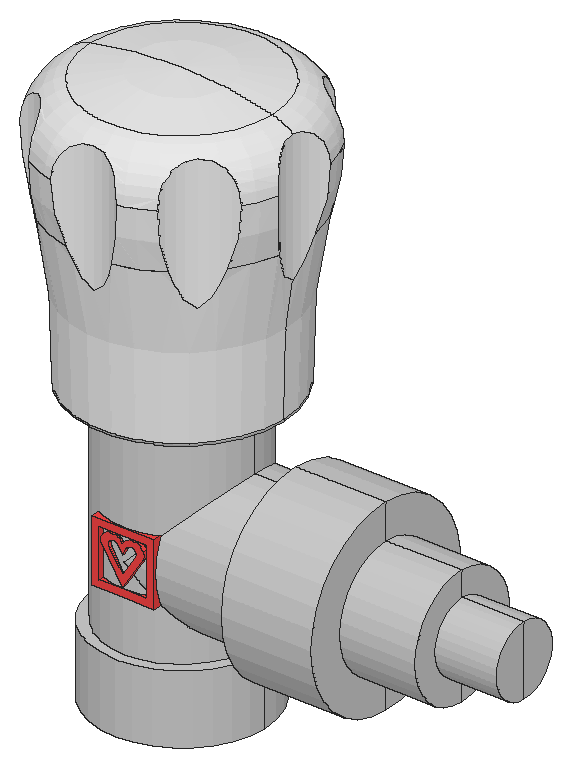
Revit family "GP Heizkörperregulierventil Eck 5524", category Rohrzubehör, Revit 2020
Family settings
  Bemaßung runder Anschluss = Durchmesser verwenden
  Teiletyp = Unterbricht
  OmniClass-Nummer = 23.65.55.14
  OmniClass-Titel = Valves for Liquid Services
  Arbeitsebenenbasiert = Nein
  Immer vertikal = Ja
  Beim Laden mit Abzugskörper schneiden = Nein
  Gemeinsam genutzt = Nein
Parameters
  Vorgabe-Ansicht = 0.000 mm
  URL = "www.herz-armaturen.at"
  SCRNSEQ = "ARM;ARM_TYP=\"ALLF\";2"
  SCRNCODE = "05;00;02"  # constant formula
  S04 = 45.000 mm  # constant formula
  S03 [instance] = H02 - 5.000 mm + 41.000 mm  # 60.000 mm
  S02 [instance] = L04 + L03 - L02  # 25.500 mm
  S01 = 10.000 mm  # constant formula
  Nennweite [instance] = 10.000 mm
  Medium = "Heizwasserqualität entsprechend ÖNORM H 5195 bzw. VDI-Richtllinie 2035."
  Max.Betriebstemperatur = 120 °C  # constant formula
  Max.Betriebsdruck = 1000000.0 Pa  # constant formula
  LO1 [instance] = R01 - 0.500 mm  # 10.000 mm
  L04 [instance] = size_lookup("5524_", "L4", 1.000 mm, Nennweite)  # 20.000 mm
  L03 [instance] = size_lookup("5524_", "L3", 1.000 mm, Nennweite)  # 13.000 mm
  L02 [instance] = size_lookup("5524_", "L2", 1.000 mm, Nennweite)  # 7.500 mm
  L01 [instance] = size_lookup("5524_", "L1", 1.000 mm, Nennweite)  # 24.000 mm
  Hersteller = "HERZ Armaturen Ges.m.b.H."  # constant formula
  Handrad = "Kunststoff, weiß"  # constant formula
  H03 [instance] = size_lookup("5524_", "H3", 1.000 mm, Nennweite)  # 10.000 mm
  H02 [instance] = size_lookup("5524_", "H2", 1.000 mm, Nennweite)  # 24.000 mm
  H01 [instance] = size_lookup("5524_", "H1", 1.000 mm, Nennweite)  # 22.000 mm
  Gehäuse = "vernickeltes Messing"  # constant formula
  GT1 [instance] = size_lookup("5524_", "GT1", 1.000 mm, Nennweite)  # 9.000 mm
  GT [instance] = size_lookup("5524_", "GT", 1.000 mm, Nennweite)  # 9.500 mm
  G2 [instance] = Nennweite / 2  # 5.000 mm
  G1 [instance] = Nennweite / 2  # 5.000 mm
  R01 = 10.500 mm  # constant formula
  D05 [instance] = size_lookup("5524_", "D5", 1.000 mm, Nennweite)  # 8.500 mm
  D04 [instance] = size_lookup("5524_", "D4", 1.000 mm, Nennweite)  # 13.500 mm
  D03 [instance] = R01  # 10.500 mm
  D02 [instance] = size_lookup("5524_", "D2", 1.000 mm, Nennweite)  # 7.940 mm
  D01 [instance] = size_lookup("5524_", "D1", 1.000 mm, Nennweite)  # 12.000 mm
  Bestellnummer [instance] = size_lookup("5524_", "Artnr", 0, Nennweite)  # 1552420
  Ausführungen = "Universalmodelle mit Spezialmuffen für Gewinderohr und Klemmsetanschluss, vernickelt."
Reference planes
  plane 1 "Mitte (Vorne/hinten)": y = 0
  plane 2: z = 0
  plane 3 "Mitte (Links/rechts)": x = 0
Forms (mm)
  Revolve 1, solid, material "Messing, weicher Gelbton, geschweißt", detail levels fine
    sketch origin (0, 0, 0) x (1, 0, 0) y (0, 0, 1)
      loop
        line (0, 24) -> (-10.5, 24) -> (-10.5, -12) -> (-12, -12) -> (-12, -22) -> (-5, -22) -> (-5, -12.5) -> (0, -12.5) -> (0, 24)
      axis (0, 24) -> (0, -22)
    angle from 0 to 360
  Revolve 2, solid, material "Messing, weicher Gelbton, geschweißt", detail levels fine
    sketch origin (0, 0, 0) x (1, 0, 0) y (0, 0, 1)
      loop
        line (0, 0) -> (24, 0) -> (24, 7.94) -> (16.5, 7.94) -> (16.5, 10.5) -> (0, 10.5) -> (0, 0)
      axis (0, 0) -> (24, 0)
    angle from 0 to 360
  Revolve 3, solid, material "Messing, weicher Gelbton, geschweißt", detail levels fine
    sketch origin (-1, 0, 0) x (1, 0, 0) y (0, 0, 1)
      loop
        line (25, 0) -> (50.5, 0) -> (50.5, 5) -> (41.5, 5) -> (41.5, 8.5) -> (30.5, 8.5) -> (30.5, 13.5) -> (17.5, 13.5) -> (17.5, 7.94) -> (25, 7.94) -> (25, 0)
      axis (17.5, 0) -> (50.5, 0)
    angle from 0 to 360
Lines and regions (mm)
  model lines, detail levels coarse+medium
    curve 1: line (0, 0, 0) -> (12, 0, -22)
    curve 2: line (12, 0, -22) -> (-12, 0, -22)
    curve 3: line (-12, 0, -22) -> (0, 0, 0)
    curve 4: line (0, 0, 0) -> (24, 0, 13.5)
    curve 5: line (24, 0, 13.5) -> (24, 0, -13.5)
    curve 6: line (24, 0, -13.5) -> (0, 0, 0)
    curve 7: line (24, 0, 13.5) -> (34, 0, 13.5)
    curve 8: line (34, 0, 13.5) -> (24, 0, 0)
    curve 9: line (24, 0, -13.5) -> (34, 0, -13.5)
    curve 10: line (34, 0, -13.5) -> (24, 0, 0)
    curve 11: line (24, 0, 0) -> (49.5, 0, 0)
    curve 12: line (0, 0, 0) -> (0, 0, 60)
    curve 13: line (-22.5, 0, 60) -> (22.5, 0, 60)
    curve 14: line (0, 0, 0) -> (0, 60, 0)
    curve 15: line (-22.5, 60, 0) -> (22.5, 60, 0)
    curve 16: line (0, 0, 0) -> (12, -22, 0)
    curve 17: line (12, -22, 0) -> (-12, -22, 0)
    curve 18: line (-12, -22, 0) -> (0, 0, 0)
    curve 19: line (0, 0, 0) -> (24, 13.5, 0)
    curve 20: line (24, 13.5, 0) -> (24, -13.5, 0)
    curve 21: line (24, -13.5, 0) -> (0, 0, 0)
    curve 22: line (24, 13.5, 0) -> (34, 13.5, 0)
    curve 23: line (34, 13.5, 0) -> (24, 0, 0)
    curve 24: line (24, -13.5, 0) -> (34, -13.5, 0)
    curve 25: line (24, 0, 0) -> (34, -13.5, 0)
Dimensions and locks
  "H02": Revolve 1 sketch curve to plane 2
  "H01": plane 2 to Revolve 1 sketch curve
  "R01": Revolve 1 sketch curve to Revolve 1 sketch curve
  "G1": Revolve 1 sketch curve to Revolve 1 sketch curve
  "D01": Revolve 1 sketch curve to Revolve 1 sketch curve
  "GT": Revolve 1 sketch curve to Revolve 1 sketch curve
  "H03": Revolve 1 sketch curve to Revolve 1 sketch curve
  "D02": Revolve 2 sketch curve to Revolve 2 sketch curve
  "D03": Revolve 2 sketch curve to Revolve 2 sketch curve
  "L01": Revolve 2 sketch curve to Revolve 2 sketch curve
  "L02": Revolve 2 sketch curve to Revolve 2 sketch curve
  "H02": nested 1 to plane 2
  "LO1": nested 2 to plane 1 "Mitte (Vorne/hinten)"
  "L02": Revolve 3 sketch curve to Revolve 3 sketch curve
  "L03": Revolve 3 sketch curve to Revolve 3 sketch curve
  "L04": Revolve 3 sketch curve to Revolve 3 sketch curve
  "D04": Revolve 3 sketch curve to Revolve 3 sketch curve
  "G2": Revolve 3 sketch curve to Revolve 3 sketch curve
  "D05": Revolve 3 sketch curve to Revolve 3 sketch curve
  "GT1": Revolve 3 sketch curve to Revolve 3 sketch curve
  "L01": plane 3 "Mitte (Links/rechts)" to Revolve 3 sketch curve
  "D02": Revolve 3 sketch curve to plane 2
  "H01": plane 2 to curve 2
  "L01": curve 5 to plane 3 "Mitte (Links/rechts)"
  "D01": curve 2 to plane 3 "Mitte (Links/rechts)" to curve 3
  "D04": curve 5 to plane 2 to curve 6
  "S01": curve 5 to curve 8
  "S01": curve 5 to curve 10
  "S02": curve 11 to curve 11
  "S03": curve 12 to plane 2
  equal spacing: curve 13, curve 12, curve 13
  "S04": curve 13 to curve 13
  "S04": curve 15 to curve 15
  equal spacing: curve 15, curve 14, curve 15
  "S03": plane 1 "Mitte (Vorne/hinten)" to curve 14
  "H01": curve 17 to plane 1 "Mitte (Vorne/hinten)"
  "D01": curve 18 to plane 3 "Mitte (Links/rechts)" to curve 17
  "L01": plane 3 "Mitte (Links/rechts)" to curve 20
  "D04": curve 21 to plane 1 "Mitte (Vorne/hinten)" to curve 20
  "S01": curve 20 to curve 23
  "S01": curve 20 to curve 25
  aligned and locked: level to plane 2
Automatic sketch dimensions
  curve 12 to plane 3 "Mitte (Links/rechts)" = 0.000 mm
  curve 4 to level = 0.000 mm
  curve 10 to level = 0.000 mm
  curve 8 to level = 0.000 mm
  plane 1 "Mitte (Vorne/hinten)" to curve 16 = 0.000 mm
  curve 16 to plane 3 "Mitte (Links/rechts)" = 0.000 mm
  plane 1 "Mitte (Vorne/hinten)" to curve 23 = 0.000 mm
  Revolve 1 sketch curve to plane 3 "Mitte (Links/rechts)" = 0.000 mm  (x2)
  Revolve 1 sketch curve to Revolve 1 sketch curve = 345.545 mm
  Revolve 1 sketch curve to Revolve 1 sketch curve = 2189.815 mm
  Revolve 2 sketch curve to level = 0.000 mm  (x2)
  Revolve 2 sketch curve to plane 3 "Mitte (Links/rechts)" = 0.000 mm
  Revolve 2 sketch curve to plane 3 "Mitte (Links/rechts)" = 1506.530 mm
  Revolve 2 sketch curve to Revolve 2 sketch curve = 1815.148 mm
  Revolve 3 sketch curve to level = 0.000 mm  (x2)
  Revolve 3 sketch curve to plane 3 "Mitte (Links/rechts)" = 1507.530 mm
  Revolve 3 sketch curve to Revolve 3 sketch curve = 1789.648 mm
Nested families
  nested 1: "Handrad-Heizkörperventile" at (0, 0, 18.5), type "Handrad-Heizkörperventile", detail levels fine
  nested 2: "Herz-Logo-vorne" at (0, -10, 0) x (0, -1, 0) z (0, 0, 1), type "Herz-Logo-vorne", detail levels fine
Connectors
  piping at (0, 0, -12.5), diameter 10, driven by "Nennweite"
    settings: on Revolve 1, index 1, connector inside diameter 609.6 mm, connector length 0.000 mm, flow factor 0, pipe flow 0.0 L/s, pressure drop 0.0 Pa, fitting loss kfactor 0, connector angle 0.00°, fixture units 0, engagement length 0.000 mm, angle of deflection 0.00°, flow configuration 0, flow direction 1, fitting loss method 0, system type 7, joint type 0, gender type 0, connector reference index -1, connector utility 0, adjustable connector no, is connector primary yes, connector description ""
  piping at (49.5, 0, 0), diameter 10, driven by "Nennweite"
    settings: on Revolve 3, index 2, connector inside diameter 609.6 mm, connector length 0.000 mm, flow factor 0, pipe flow 0.0 L/s, pressure drop 0.0 Pa, fitting loss kfactor 0, connector angle 0.00°, fixture units 0, engagement length 0.000 mm, angle of deflection 0.00°, flow configuration 0, flow direction 2, fitting loss method 0, system type 7, joint type 0, gender type 0, connector reference index -1, connector utility 0, adjustable connector no, is connector primary no, connector description ""
Definition of nested family "Handrad-Heizkörperventile"
  Parameters (values of type "Handrad-Heizkörperventile")
    Default Elevation = 0.000 mm
    T01 = 5.500 mm  # constant formula
    R01 = 10.500 mm  # constant formula
  Reference planes
    plane 1 "Mitte (Vorne/hinten)": y = 0
    plane 2: z = 0
    plane 3 "Mitte (Links/rechts)": x = 0
  Forms (mm)
    Revolve 1, solid, detail levels fine
      sketch origin (0, 0, 0) x (1, 0, 0) y (0, 0, 1)
        loop
          line (10.5, 0) -> (14.25, 0)
          arc (14.25, 0) -> (14.604, 0.146) -> (14.75, 0.5) r 0.5
          arc (14.75, 0.5) -> (15.098, 12.356) -> (17.195, 24.03) r 80
          arc (17.195, 24.03) -> (18.172, 28.281) -> (18.5, 32.63) r 29
          arc (18.5, 32.63) -> (17.011, 36.946) -> (13.177, 39.426) r 7
          arc (13.177, 39.426) -> (6.637, 40.626) -> (0, 41.028) r 55
          line (0, 41.028) -> (0, 5.5) -> (10.5, 5.5) -> (10.5, 0)
        axis (0, 41.028) -> (0, 0)
      angle from 0 to 360
    Extrusion 2, void
      sketch origin (0, 0, 0) x (1, 0, 0) y (0, 1, 0)
        loop
          arc (-16.011, 9.268) -> (-11.314, 11.314) -> (-9.268, 16.011) r 7
          arc (-9.268, 16.011) -> (-13.081, 13.081) -> (-16.011, 9.268) r 18.5
        loop
          arc (16.011, 9.268) -> (13.081, 13.081) -> (9.268, 16.011) r 18.5
          arc (9.268, 16.011) -> (11.314, 11.314) -> (16.011, 9.268) r 7
        loop
          arc (-16.011, -9.268) -> (-13.081, -13.081) -> (-9.268, -16.011) r 18.5
          arc (-9.268, -16.011) -> (-11.314, -11.314) -> (-16.011, -9.268) r 7
        loop
          arc (16.011, -9.268) -> (11.314, -11.314) -> (9.268, -16.011) r 7
          arc (9.268, -16.011) -> (13.081, -13.081) -> (16.011, -9.268) r 18.5
        loop
          arc (17.953, 4.58) -> (16.078, -0.188) -> (17.953, -4.956) r 7
          arc (17.953, -4.956) -> (18.578, -0.188) -> (17.953, 4.58) r 18.5
        loop
          arc (-17.953, 4.58) -> (-18.578, -0.188) -> (-17.953, -4.956) r 18.5
          arc (-17.953, -4.956) -> (-16.078, -0.188) -> (-17.953, 4.58) r 7
        loop
          arc (-4.58, 17.953) -> (0.188, 16.078) -> (4.956, 17.953) r 7
          arc (4.956, 17.953) -> (0.188, 18.578) -> (-4.58, 17.953) r 18.5
        loop
          arc (-4.58, -17.953) -> (0.188, -18.578) -> (4.956, -17.953) r 18.5
          arc (4.956, -17.953) -> (0.188, -16.078) -> (-4.58, -17.953) r 7
      from 15.609 to 43.011
  Cuts and joins
    Extrusion 2 cuts Revolve 1
  Dimensions and locks
    "R01": Revolve 1 sketch curve to Revolve 1 sketch curve
    Revolve 1 sketch curve to plane 3 "Mitte (Links/rechts)" = 14.750 mm
    "T01": Revolve 1 sketch curve to Revolve 1 sketch curve
    aligned and locked: level to plane 2
  Automatic sketch dimensions
    Extrusion 2 sketch curve to Extrusion 2 sketch curve = 0.000 mm  (x14)
    plane 1 "Mitte (Vorne/hinten)" to Extrusion 2 sketch curve = 0.000 mm
    Extrusion 2 sketch curve to plane 3 "Mitte (Links/rechts)" = 0.000 mm
    Extrusion 2 sketch curve to plane 3 "Mitte (Links/rechts)" = 0.078 mm
    Extrusion 2 sketch curve to plane 3 "Mitte (Links/rechts)" = 16.263 mm  (x2)
    plane 1 "Mitte (Vorne/hinten)" to Extrusion 2 sketch curve = 0.188 mm  (x2)
    Extrusion 2 sketch curve to Extrusion 2 sketch curve = 6.815 mm  (x4)
    plane 3 "Mitte (Links/rechts)" to Extrusion 2 sketch curve = 0.078 mm
    plane 3 "Mitte (Links/rechts)" to Extrusion 2 sketch curve = 0.188 mm  (x2)
    plane 1 "Mitte (Vorne/hinten)" to Extrusion 2 sketch curve = 0.078 mm
    Extrusion 2 sketch curve to Extrusion 2 sketch curve = 0.110 mm  (x2)
    Extrusion 2 sketch curve to plane 1 "Mitte (Vorne/hinten)" = 0.078 mm
    plane 3 "Mitte (Links/rechts)" to Extrusion 2 sketch curve = 16.263 mm  (x2)
    plane 1 "Mitte (Vorne/hinten)" to Extrusion 2 sketch curve = 16.263 mm  (x2)
    Extrusion 2 sketch curve to plane 1 "Mitte (Vorne/hinten)" = 16.263 mm  (x2)
    Extrusion 2 sketch curve to plane 3 "Mitte (Links/rechts)" = 4.580 mm  (x2)
    Extrusion 2 sketch curve to Extrusion 2 sketch curve = 4.688 mm  (x2)
    Extrusion 2 sketch curve to Extrusion 2 sketch curve = 0.252 mm  (x4)
    Extrusion 2 sketch curve to Extrusion 2 sketch curve = 1.942 mm  (x4)
    Extrusion 2 sketch curve to Extrusion 2 sketch curve = 4.312 mm  (x4)
    Revolve 1 sketch curve to plane 3 "Mitte (Links/rechts)" = 0.000 mm  (x2)
    Revolve 1 sketch curve to level = 0.000 mm
    Revolve 1 sketch curve to plane 3 "Mitte (Links/rechts)" = 10.500 mm
    plane 3 "Mitte (Links/rechts)" to Revolve 1 sketch curve = 11.500 mm
    Revolve 1 sketch curve to Revolve 1 sketch curve = 0.500 mm
    level to Revolve 1 sketch curve = 4.086 mm
    Revolve 1 sketch curve to Revolve 1 sketch curve = 79.920 mm
    Revolve 1 sketch curve to level = 13.972 mm
    Revolve 1 sketch curve to Revolve 1 sketch curve = 27.130 mm
    Revolve 1 sketch curve to Revolve 1 sketch curve = 8.398 mm
    Revolve 1 sketch curve to Revolve 1 sketch curve = 0.000 mm
    Revolve 1 sketch curve to Revolve 1 sketch curve = 1.305 mm
    Revolve 1 sketch curve to Revolve 1 sketch curve = 352.073 mm
    Revolve 1 sketch curve to Revolve 1 sketch curve = 2173.287 mm
Definition of nested family "Herz-Logo-vorne"
  Parameters (values of type "Herz-Logo-vorne")
    Default Elevation = 0.000 mm
  Reference planes
    plane 1 "Mitte (Vorne/hinten)": y = 0
    plane 2: z = 0
    plane 3 "Mitte (Links/rechts)": x = 0
  Forms (mm)
    Extrusion 1, solid
      sketch origin (0.732, -0.018, 0.017) x (0, -1, 0) y (0, 0, 1)
        loop
          line (-0.018, -4.517) -> (4.482, -4.517) -> (4.482, 4.483) -> (-4.518, 4.483) -> (-4.518, -4.517) -> (-0.018, -4.517)
        loop
          line (-0.05, -3.48) -> (3.482, -3.48) -> (3.482, 3.483) -> (-3.518, 3.483) -> (-3.518, -3.48) -> (-0.05, -3.48)
        loop
          arc (-0.018, 2.383) -> (-1.543, 3.287) -> (-3.067, 2.383) r 1.738
          arc (-3.067, 2.383) -> (-3.191, 1.899) -> (-3.067, 1.415) r 1.009
          line (-3.067, 1.415) -> (-0.018, -3.281) -> (3.032, 1.415)
          arc (3.032, 1.415) -> (3.156, 1.899) -> (3.032, 2.383) r 1.009
          arc (3.032, 2.383) -> (1.507, 3.287) -> (-0.018, 2.383) r 1.738
        loop
          arc (1.885, 1.272) -> (2.005, 1.675) -> (1.885, 2.079) r 0.74
          arc (1.885, 2.079) -> (1.265, 2.416) -> (0.644, 2.079) r 0.74
          line (0.644, 2.079) -> (-0.018, 0.97) -> (-0.679, 2.079)
          arc (-0.679, 2.079) -> (-1.3, 2.416) -> (-1.921, 2.079) r 0.74
          arc (-1.921, 2.079) -> (-2.04, 1.675) -> (-1.921, 1.272) r 0.74
          line (-1.921, 1.272) -> (-0.018, -1.658) -> (1.885, 1.272)
      from 0 to 1.5
  Dimensions and locks
    aligned and locked: level to plane 2
